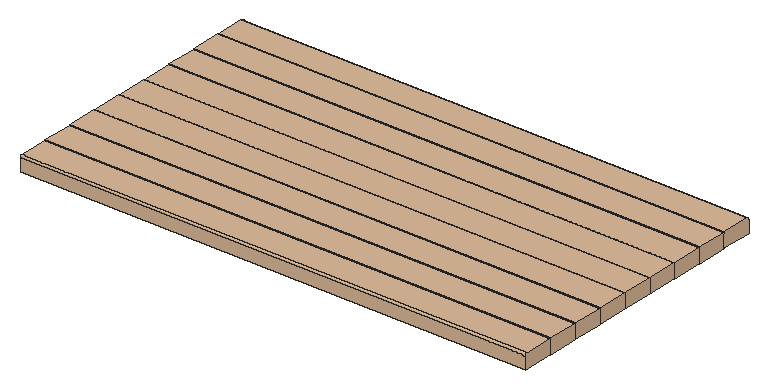
Revit family "61811-F-L", category Meble, Revit 2021
Family settings
  Numer OmniClass = 23.40.20.00
  Tytuł OmniClass = General Furniture and Specialties
  Oparty na płaszczyźnie roboczej = Nie
  Zawsze pionowo = Tak
  Tnij formami wycięć po wczytaniu = Nie
  Współdzielony = Nie
  Punkt obliczania pomieszczeń = Nie
Parameters (values of type "61811-f-l")
  wood = Kobenhagen Wood - Larch
  metal = Kobenhagen RAL 9010
  Width = "83 cm"
  Weight = "50 kg"
  URL = "https://kobenhagen.com/en_US/p/Holmen-Table-4-6-Seats/259"
  Product line = "Holmen"
  Product Groups = "Tables"
  Producent = "Lars Laj"
  Keynote = ""
  Opis = "Holmen Table 4-6 Seats"
  Model = "61811-F-L"
  Material = "Larch, stainless steel, powder coated steel"
  Maintenance = "We recommend to examine and tighten all screws and bolt clamps after a few weeks’ use. In order to prevent cracks and to extend the life of the wood, it is recommended that the wood details should be oiled every 3-5 years."
  Lenght = "151 cm"
  Type Comments = ""
  Kobenhagen Materials = "larslaj.com/bim"
  Hosted on larslaj.com = "https://larslaj.com/bim"
  Height = "75 cm"
  Domyślna rzędna = 0.0 cm
  Copyright = "All designs and drawings are the intellectual property of Lars Laj A/S and are protected by Danish and international copyright laws."
Reference planes (cm)
  plane 1 "front": y = 0
  plane 2: z = 0
  plane 3 "Środek (Lewa/Prawa)": x = 0
Forms (cm)
  Extrusion 1, solid, material "Kobenhagen RAL 9010" <- "metal", not visible
    sketch origin (0, -50, 0) x (0, 1, 0) y (0, 0, 1)
      loop
        arc (57.1187, 45.15) -> (55.7045, 44.5642) -> (55.1187, 43.15) r 2
        line (55.1187, 43.15) -> (55.1187, 1.8231)
        arc (55.1187, 1.8231) -> (55.6527, 0.534) -> (56.9418, 0) r 1.8231
        line (56.9418, 0) -> (65.3638, 0) -> (65.3638, 1.5) -> (94.8638, 1.5) -> (94.8638, 0) -> (102.7023, 0)
        arc (102.7023, 0) -> (104.2307, 0.6331) -> (104.8638, 2.1615) r 2.1615
        line (104.8638, 2.1615) -> (104.8638, 42.9407)
        arc (104.8638, 42.9407) -> (104.2168, 44.5029) -> (102.6545, 45.15) r 2.2093
        line (102.6545, 45.15) -> (57.1187, 45.15)
    from 75.0378 to 74.5
  Extrusion 2, solid, material "Kobenhagen RAL 9010" <- "metal", not visible
    sketch origin (0, -50, 0) x (0, 1, 0) y (0, 0, 1)
      loop
        line (104.8638, 39.6844) -> (112.9375, 85.4725) -> (110.1836, 85.9581)
        arc (110.1836, 85.9581) -> (108.5224, 85.5898) -> (107.6082, 84.1547) r 2.2232
        line (107.6082, 84.1547) -> (100.7306, 45.15) -> (102.6545, 45.15)
        arc (102.6545, 45.15) -> (104.2168, 44.5029) -> (104.8638, 42.9407) r 2.2093
        line (104.8638, 42.9407) -> (104.8638, 39.6844)
    from 74.5 to 75.0378
  Extrusion 3, solid, material "Kobenhagen Wood - Larch" <- "wood"
    sketch origin (22.0098, -28.2614, -34.9996) x (0, 1, 0) y (0, 0, 1)
      loop
        arc (-12.512, 109.9996) -> (-12.9363, 109.8239) -> (-13.112, 109.3996) r 0.6
        line (-13.112, 109.3996) -> (-13.112, 105.6996) -> (-4.112, 105.6996) -> (-4.112, 109.9996) -> (-12.512, 109.9996)
    from -97.2568 to 53.1372
  Extrusion 4, solid, material "Kobenhagen Wood - Larch" <- "wood"
    sketch origin (22.0098, 28.3076, -34.9996) x (0, -1, 0) y (0, 0, -1)
      loop
        line (-12.512, -109.9996) -> (-4.112, -109.9996) -> (-4.112, -105.6996) -> (-13.112, -105.6996) -> (-13.112, -109.3996)
        arc (-13.112, -109.3996) -> (-12.9363, -109.8239) -> (-12.512, -109.9996) r 0.6
    from -97.2568 to 53.1372
  Extrusion 5, solid, material "Kobenhagen Wood - Larch" <- "wood"
    sketch origin (22.0098, -28.1606, -34.9996) x (0, 1, 0) y (0, 0, 1)
      loop
        line (-3.9159, 109.9996) -> (-3.9159, 105.6996) -> (5.0841, 105.6996) -> (5.0841, 109.9996) -> (-3.9159, 109.9996)
    from -97.2568 to 53.1372
  Extrusion 6, solid, material "Kobenhagen Wood - Larch" <- "wood"
    sketch origin (22.0098, -18.961, -34.9996) x (0, 1, 0) y (0, 0, 1)
      loop
        line (-3.9159, 109.9996) -> (-3.9159, 105.6996) -> (5.0841, 105.6996) -> (5.0841, 109.9996) -> (-3.9159, 109.9996)
    from -97.2568 to 53.1372
  Extrusion 7, solid, material "Kobenhagen Wood - Larch" <- "wood"
    sketch origin (22.0098, -9.6606, -34.9996) x (0, 1, 0) y (0, 0, 1)
      loop
        line (-3.9159, 109.9996) -> (-3.9159, 105.6996) -> (5.0841, 105.6996) -> (5.0841, 109.9996) -> (-3.9159, 109.9996)
    from -97.2568 to 53.1372
  Extrusion 8, solid, material "Kobenhagen Wood - Larch" <- "wood"
    sketch origin (22.0098, -0.4606, -34.9996) x (0, 1, 0) y (0, 0, 1)
      loop
        line (-3.9159, 109.9996) -> (-3.9159, 105.6996) -> (5.0841, 105.6996) -> (5.0841, 109.9996) -> (-3.9159, 109.9996)
    from -97.2568 to 53.1372
  Extrusion 9, solid, material "Kobenhagen Wood - Larch" <- "wood"
    sketch origin (22.0098, 8.7398, -34.9996) x (0, 1, 0) y (0, 0, 1)
      loop
        line (-3.9159, 109.9996) -> (-3.9159, 105.6996) -> (5.0841, 105.6996) -> (5.0841, 109.9996) -> (-3.9159, 109.9996)
    from -97.2568 to 53.1372
  Extrusion 10, solid, material "Kobenhagen Wood - Larch" <- "wood"
    sketch origin (22.0098, 17.9394, -34.9996) x (0, 1, 0) y (0, 0, 1)
      loop
        line (-3.9159, 109.9996) -> (-3.9159, 105.6996) -> (5.0841, 105.6996) -> (5.0841, 109.9996) -> (-3.9159, 109.9996)
    from -97.2568 to 53.1372
  Extrusion 11, solid, material "Kobenhagen Wood - Larch" <- "wood"
    sketch origin (22.0098, 27.141, -34.9996) x (0, 1, 0) y (0, 0, 1)
      loop
        line (-3.9159, 109.9996) -> (-3.9159, 105.6996) -> (5.0841, 105.6996) -> (5.0841, 109.9996) -> (-3.9159, 109.9996)
    from -97.2568 to 53.1372
  Extrusion 12, solid, material "Kobenhagen RAL 9010" <- "metal"
    sketch origin (29.9494, -92.6633, 30.394) x (1, 0, 0) y (0, 1, 0)
      loop
        arc (-31.9994, 52.4295) -> (-31.9115, 52.2174) -> (-31.6994, 52.1295) r 0.3
        line (-31.6994, 52.1295) -> (-28.2994, 52.1295)
        arc (-28.2994, 52.1295) -> (-28.0873, 52.2174) -> (-27.9994, 52.4295) r 0.3
        line (-27.9994, 52.4295) -> (-27.9994, 132.897)
        arc (-27.9994, 132.897) -> (-28.0873, 133.1092) -> (-28.2994, 133.197) r 0.3
        line (-28.2994, 133.197) -> (-31.6994, 133.197)
        arc (-31.6994, 133.197) -> (-31.9115, 133.1092) -> (-31.9994, 132.897) r 0.3
        line (-31.9994, 132.897) -> (-31.9994, 52.4295)
    from 40 to 40.306
  Extrusion 13, solid, material "Kobenhagen RAL 9010" <- "metal"
    sketch origin (72.4456, -92.6633, 30.394) x (1, 0, 0) y (0, 1, 0)
      loop
        arc (-31.9994, 52.4295) -> (-31.9115, 52.2174) -> (-31.6994, 52.1295) r 0.3
        line (-31.6994, 52.1295) -> (-28.2994, 52.1295)
        arc (-28.2994, 52.1295) -> (-28.0873, 52.2174) -> (-27.9994, 52.4295) r 0.3
        line (-27.9994, 52.4295) -> (-27.9994, 132.897)
        arc (-27.9994, 132.897) -> (-28.0873, 133.1092) -> (-28.2994, 133.197) r 0.3
        line (-28.2994, 133.197) -> (-31.6994, 133.197)
        arc (-31.6994, 133.197) -> (-31.9115, 133.1092) -> (-31.9994, 132.897) r 0.3
        line (-31.9994, 132.897) -> (-31.9994, 52.4295)
    from 40 to 40.306
  Extrusion 14, solid, material "Kobenhagen RAL 9010" <- "metal"
    sketch origin (-12.5468, -92.6633, 30.394) x (1, 0, 0) y (0, 1, 0)
      loop
        arc (-31.9994, 52.4295) -> (-31.9115, 52.2174) -> (-31.6994, 52.1295) r 0.3
        line (-31.6994, 52.1295) -> (-28.2994, 52.1295)
        arc (-28.2994, 52.1295) -> (-28.0873, 52.2174) -> (-27.9994, 52.4295) r 0.3
        line (-27.9994, 52.4295) -> (-27.9994, 132.897)
        arc (-27.9994, 132.897) -> (-28.0873, 133.1092) -> (-28.2994, 133.197) r 0.3
        line (-28.2994, 133.197) -> (-31.6994, 133.197)
        arc (-31.6994, 133.197) -> (-31.9115, 133.1092) -> (-31.9994, 132.897) r 0.3
        line (-31.9994, 132.897) -> (-31.9994, 52.4295)
    from 40 to 40.306
Dimensions and locks (cm)
  aligned and locked: level to plane 2
